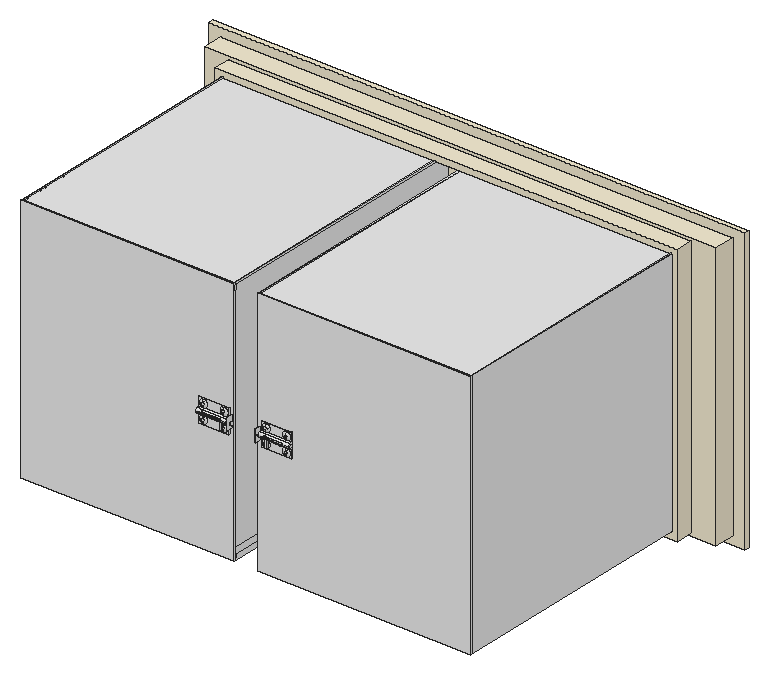
Revit family "Mailboxes_4C-Salsbury_Industries-Rear_Load-4_Door_High_Units", category Specialty Equipment, host Wall, Revit 2016 (continued)
Definition of nested family "3700 Series 4C OM2 Configuration"
  Forms (in)
    Blend 6, solid, material <- "Front Panel Material", detail levels medium+fine
      base sketch origin (0, -0.12695, 2.68123) x (-1, 0, 0) y (0, 0, 1)
        loop
          circle (5.7025, -0.40977) r 0.15665
      top sketch origin (0, -0.12695, 2.68123) x (-1, 0, 0) y (0, 0, 1)
        loop
          circle (5.7025, -0.40977) r 0.3125
      from -0.11328 to 0
    Blend 7, solid, material <- "Front Panel Material", detail levels medium+fine
      base sketch origin (1.3125, -0.12695, 2.68123) x (-1, 0, 0) y (0, 0, 1)
        loop
          circle (4.202, -0.40977) r 0.15665
      top sketch origin (1.3125, -0.12695, 2.68123) x (-1, 0, 0) y (0, 0, 1)
        loop
          circle (4.202, -0.40977) r 0.3125
      from -0.11328 to 0
    Blend 8, solid, material <- "Front Panel Material", detail levels medium+fine
      base sketch origin (0, -0.12695, 1.36923) x (-1, 0, 0) y (0, 0, 1)
        loop
          circle (5.7025, -0.40977) r 0.15665
      top sketch origin (0, -0.12695, 1.36923) x (-1, 0, 0) y (0, 0, 1)
        loop
          circle (5.7025, -0.40977) r 0.3125
      from -0.11328 to 0
    Blend 9, solid, material <- "Front Panel Material", detail levels medium+fine
      base sketch origin (1.3125, -0.12695, 1.36923) x (-1, 0, 0) y (0, 0, 1)
        loop
          circle (4.202, -0.40977) r 0.15665
      top sketch origin (1.3125, -0.12695, 1.36923) x (-1, 0, 0) y (0, 0, 1)
        loop
          circle (4.202, -0.40977) r 0.3125
      from -0.11328 to 0
    Blend 10, solid, material <- "Front Panel Material", detail levels medium+fine
      base sketch origin (9.8895, -0.12695, 2.68123) x (-1, 0, 0) y (0, 0, 1)
        loop
          circle (4.202, -0.40977) r 0.15665
      top sketch origin (9.8895, -0.12695, 2.68123) x (-1, 0, 0) y (0, 0, 1)
        loop
          circle (4.202, -0.40977) r 0.3125
      from -0.11328 to 0
    Blend 11, solid, material <- "Front Panel Material", detail levels medium+fine
      base sketch origin (9.8895, -0.12695, 1.36923) x (-1, 0, 0) y (0, 0, 1)
        loop
          circle (4.202, -0.40977) r 0.15665
      top sketch origin (9.8895, -0.12695, 1.36923) x (-1, 0, 0) y (0, 0, 1)
        loop
          circle (4.202, -0.40977) r 0.3125
      from -0.11328 to 0
    Extrusion 12, solid, material <- "Lock Material"
      sketch origin (0, -0.12695, 0) x (-1, 0, 0) y (0, 0, 1)
        loop
          line (1.96028, 2.61547) -> (-1.64128, 2.61547)
          arc (-1.64128, 2.61547) -> (-1.78215, 2.55712) -> (-1.8405, 2.41625) r 0.19922
          line (-1.8405, 2.41625) -> (-1.8405, 0.81469)
          arc (-1.8405, 0.81469) -> (-1.78215, 0.67382) -> (-1.64128, 0.61547) r 0.19922
          line (-1.64128, 0.61547) -> (1.96028, 0.61547)
          arc (1.96028, 0.61547) -> (2.10115, 0.67382) -> (2.1595, 0.81469) r 0.19922
          line (2.1595, 0.81469) -> (2.1595, 2.41625)
          arc (2.1595, 2.41625) -> (2.10115, 2.55712) -> (1.96028, 2.61547) r 0.19922
      from 0 to -0.03906
    Extrusion 13, solid, material <- "Front Panel Material"
      sketch origin (-2.13946, 0, 3.50047) x (-1, 0, 0) y (0, -1, 0)
        loop
          line (4.54804, -0.12695) -> (4.54804, 0.31995) -> (-8.82696, 0.31995) -> (-8.82696, -0.12695) -> (4.54804, -0.12695)
      from 0 to 3.0094
    Extrusion 14, void
      sketch origin (0, -0.31995, 0) x (0, 0, -1) y (-1, 0, 0)
        loop
          arc (-5.67087, 5.0005) -> (-6.04587, 5.3755) -> (-6.42087, 5.0005) r 0.375
          line (-6.42087, 5.0005) -> (-6.42087, -5.0005)
          arc (-6.42087, -5.0005) -> (-6.04587, -5.3755) -> (-5.67087, -5.0005) r 0.375
          line (-5.67087, -5.0005) -> (-5.67087, 5.0005)
      from 0 to 0.44691
    Extrusion 15, solid, material <- "Front Panel Material"
      sketch origin (0, 0, 0) x (0, 1, 0) y (0, 0, 1)
        loop
          line (0.12695, 6.50987) -> (0.12695, 7.00047) -> (-0.46995, 7.00047) -> (-0.75605, 6.83078) -> (-0.73973, 6.80251) -> (-1.27431, 6.49388) -> (-1.29063, 6.52214) -> (-1.61027, 6.3376)
          arc (-1.61027, 6.3376) -> (-1.63087, 6.31111) -> (-1.62714, 6.27777) r 0.04454
          line (-1.62714, 6.27777) -> (-1.5282, 6.17883)
          arc (-1.5282, 6.17883) -> (-1.4937, 6.16211) -> (-1.4558, 6.15637) r 0.12791
          line (-1.4558, 6.15637) -> (-1.10623, 6.15637) -> (-0.49395, 6.50987) -> (0.12695, 6.50987)
      from -6.6875 to 6.6875
  Cuts and joins
    Extrusion 3 cuts Extrusion 1
    Extrusion 5 cuts Extrusion 4
    Extrusion 14 cuts Extrusion 13
  Lines and regions (in)
    symbolic lines
      curve 1: circle (-5.7025, -0.12695, 2.27147) r 0.3125 normal (0, 1, 0)
      curve 2: circle (-5.7025, -0.12695, 0.95947) r 0.3125 normal (0, 1, 0)
      curve 3: circle (-2.8895, -0.12695, 0.95947) r 0.3125 normal (0, 1, 0)
      curve 4: circle (-2.8895, -0.12695, 2.27147) r 0.3125 normal (0, 1, 0)
      curve 5: circle (-4.3275, -0.12695, 1.61523) r 0.42913 normal (0, 1, 0)
      curve 6: circle (5.6875, -0.12695, 0.95947) r 0.3125 normal (0, 1, 0)
      curve 7: circle (5.6875, -0.12695, 2.27147) r 0.3125 normal (0, 1, 0)
      curve 8: arc (-2.1595, -0.12695, 2.41625) -> (-2.10115, -0.12695, 2.55712) -> (-1.96028, -0.12695, 2.61547) r 0.19922
      curve 9: arc (1.8405, -0.12695, 2.41625) -> (1.78215, -0.12695, 2.55712) -> (1.64128, -0.12695, 2.61547) r 0.19922
      curve 10: arc (1.8405, -0.12695, 0.81469) -> (1.78215, -0.12695, 0.67382) -> (1.64128, -0.12695, 0.61547) r 0.19922
      curve 11: arc (-1.96028, -0.12695, 0.61547) -> (-2.10115, -0.12695, 0.67382) -> (-2.1595, -0.12695, 0.81469) r 0.19922
      curve 12: line (-2.1595, -0.12695, 0.81469) -> (-2.1595, -0.12695, 2.41625)
      curve 13: line (-1.96028, -0.12695, 2.61547) -> (1.64128, -0.12695, 2.61547)
      curve 14: line (1.8405, -0.12695, 2.41625) -> (1.8405, -0.12695, 0.81469)
      curve 15: line (1.64128, -0.12695, 0.61547) -> (-1.96028, -0.12695, 0.61547)
  Dimensions and locks (in)
    equal spacing: plane 6 "Back Face of Door", plane 1 "Center (Front/Back)", plane 7 "Front Face of Door"
    "Door Depth": plane 6 "Back Face of Door" to plane 7 "Front Face of Door"
    equal spacing: plane 4 "Left Side Face of Door", plane 3 "Center (Left/Right)", plane 5 "Right Side Face of Door"
    "Door Width": plane 4 "Left Side Face of Door" to plane 5 "Right Side Face of Door"
    plane 8 to level = 3.23047"
    equal spacing: plane 8, plane 9, level
    locked: plane 7 "Front Face of Door" to plane 10 at 0.343
    "Center Lock-Vertical": plane 4 "Left Side Face of Door" to plane 11 "Center Lock Vertical"
    "Center Lock-Horizontal": plane 8 to plane 12 "Center Lock Horizontal"
    locked: plane 14 "Divider Height Align" to plane 8 at 0.27
    plane 4 "Left Side Face of Door" to plane 16 "Left Stud Align" to plane 17 "Right Stud Align" = 0.985", 2.813"
    plane 8 to plane 18 "Top Stud Align" to plane 19 "Bottom Stud Align" = 0.959", 1.312"
    plane 20 "Hinge Stud Align" to plane 5 "Right Side Face of Door" = 1.000"
    plane 8 to plane 21 "Mail Plate Top" to plane 22 "Mail Plate Bottom" = 0.615", 2.000"
    plane 4 "Left Side Face of Door" to plane 23 to plane 24 = 4.528", 4.000"
    plane 27 "Top of Mail Drop Divider" to plane 26 "Top of Mail Drop Door" to plane 14 "Divider Height Align" = 0.26953" locked, 3.23047"
    "Door Height": plane 27 "Top of Mail Drop Divider" to level
    plane 28 "Face of Mail Drop" to plane 10 = 0.150"
    locked: plane 27 "Top of Mail Drop Divider" to plane 29 "Top of Mail Slot" at 0.5796
    locked: plane 29 "Top of Mail Slot" to plane 30 "Bottom of Mail Slot" at 0.75
    locked: plane 4 "Left Side Face of Door" to plane 31 "Left Edge of Mail Slot" at 1.312
    locked: plane 32 "Right Edge of Mail Slot" to plane 5 "Right Side Face of Door" at 1.312
    locked: plane 33 "Mail Slot Bottom Protusion" to plane 29 "Top of Mail Slot" at 0.089
    plane 28 "Face of Mail Drop" to plane 34 = 0.174"
    plane 33 "Mail Slot Bottom Protusion" to plane 35 = 0.3535"
    plane 28 "Face of Mail Drop" to plane 36 "Front of Awning" = 1.315"
    plane 4 "Left Side Face of Door" to plane 5 "Right Side Face of Door" = 13.375"
    plane 6 "Back Face of Door" to plane 36 "Front of Awning" = 1.76191"
    "Access Lock Offset": plane 39 "Access Lock Offset" to plane 6 "Back Face of Door"
    aligned and locked: level to plane 2 "Bottom of Door"
    aligned and locked: plane 4 "Left Side Face of Door" to Extrusion 1
    aligned and locked: plane 6 "Back Face of Door" to Extrusion 1
    aligned and locked: plane 7 "Front Face of Door" to Extrusion 1
    aligned and locked: Extrusion 1 to level
    aligned and locked: plane 8 to Extrusion 1
    aligned and locked: Extrusion 2 sketch curve to plane 4 "Left Side Face of Door"
    aligned and locked: Extrusion 2 sketch curve to plane 6 "Back Face of Door"
    aligned and locked: plane 5 "Right Side Face of Door" to Extrusion 2 sketch curve
    aligned and locked: Extrusion 2 to plane 8
    aligned and locked: plane 10 to Extrusion 2 sketch curve
    aligned and locked: plane 14 "Divider Height Align" to Extrusion 2
    aligned and locked: plane 4 "Left Side Face of Door" to Extrusion 2
    aligned and locked: Extrusion 2 to plane 5 "Right Side Face of Door"
    aligned and locked: Extrusion 13 to plane 28 "Face of Mail Drop"
    aligned and locked: plane 29 "Top of Mail Slot" to Extrusion 14 sketch curve
    aligned and locked: cut or joined group of Extrusion 13, Extrusion 14 to cut or joined group of Extrusion 13, Extrusion 14
    aligned and locked: cut or joined group of Extrusion 1, Extrusion 3 to plane 2 "Bottom of Door"
  Automatic sketch dimensions
    Extrusion 1 sketch curve to plane 4 "Left Side Face of Door" = 0.000"
    Extrusion 1 sketch curve to plane 6 "Back Face of Door" = 0.000"
    Extrusion 1 sketch curve to plane 7 "Front Face of Door" = 0.000"
    Extrusion 1 sketch curve to plane 5 "Right Side Face of Door" = 0.000"
    Extrusion 1 sketch curve to plane 4 "Left Side Face of Door" = 0.252"
    Extrusion 1 sketch curve to plane 20 "Hinge Stud Align" = 0.36875"
    Extrusion 1 sketch curve to plane 25 "Face of Mail Plate" = 0.07029"
    plane 5 "Right Side Face of Door" to Extrusion 1 sketch curve = 0.195"
    Extrusion 1 sketch curve to plane 25 "Face of Mail Plate" = 0.10562"
    Extrusion 1 sketch curve to plane 13 "Face of Lock" = 0.07658"
    plane 1 "Center (Front/Back)" to Extrusion 1 sketch curve = 0.05445"
    Extrusion 1 sketch curve to plane 13 "Face of Lock" = 0.12063"
    Extrusion 5 sketch curve to plane 11 "Center Lock Vertical" = 0.0293"
    plane 11 "Center Lock Vertical" to Extrusion 5 sketch curve = 0.0293"
    Extrusion 5 sketch curve to plane 9 = 0.30959"
    plane 9 to Extrusion 5 sketch curve = 0.30959"
    plane 16 "Left Stud Align" to Blend 6 sketch curve = 0.000"  (x2)
    Blend 6 sketch curve to plane 18 "Top Stud Align" = 0.000"  (x2)
    plane 17 "Right Stud Align" to Blend 7 sketch curve = 0.000"  (x2)
    Blend 7 sketch curve to plane 18 "Top Stud Align" = 0.000"  (x2)
    plane 16 "Left Stud Align" to Blend 8 sketch curve = 0.000"  (x2)
    Blend 8 sketch curve to plane 19 "Bottom Stud Align" = 0.000"  (x2)
    plane 17 "Right Stud Align" to Blend 9 sketch curve = 0.000"  (x2)
    Blend 9 sketch curve to plane 19 "Bottom Stud Align" = 0.000"  (x2)
    Blend 10 sketch curve to plane 18 "Top Stud Align" = 0.000"  (x2)
    plane 20 "Hinge Stud Align" to Blend 10 sketch curve = 0.000"  (x2)
    Blend 11 sketch curve to plane 19 "Bottom Stud Align" = 0.000"  (x2)
    plane 20 "Hinge Stud Align" to Blend 11 sketch curve = 0.000"  (x2)
    plane 24 to Extrusion 12 sketch curve = 0.000"
    Extrusion 12 sketch curve to plane 22 "Mail Plate Bottom" = 0.000"
    Extrusion 12 sketch curve to plane 21 "Mail Plate Top" = 0.000"
    plane 23 to Extrusion 12 sketch curve = 0.000"
    plane 24 to Extrusion 12 sketch curve = 0.19922"  (x2)
    plane 18 "Top Stud Align" to Extrusion 12 sketch curve = 0.14478"
    Extrusion 12 sketch curve to plane 23 = 0.19922"
    Extrusion 13 sketch curve to plane 5 "Right Side Face of Door" = 0.000"
    Extrusion 13 sketch curve to plane 4 "Left Side Face of Door" = 0.000"
    Extrusion 13 sketch curve to plane 6 "Back Face of Door" = 0.000"
    Extrusion 13 sketch curve to plane 7 "Front Face of Door" = 0.193"
    Extrusion 14 sketch curve to plane 30 "Bottom of Mail Slot" = 0.000"
    plane 32 "Right Edge of Mail Slot" to Extrusion 14 sketch curve = 0.375"
    Extrusion 14 sketch curve to plane 31 "Left Edge of Mail Slot" = 0.375"
    Extrusion 15 sketch curve to plane 35 = 0.000"
    Extrusion 15 sketch curve to plane 33 "Mail Slot Bottom Protusion" = 0.000"
    Extrusion 15 sketch curve to plane 34 = 0.000"
    Extrusion 15 sketch curve to plane 27 "Top of Mail Drop Divider" = 0.000"
    Extrusion 15 sketch curve to plane 6 "Back Face of Door" = 0.000"
    plane 26 "Top of Mail Drop Door" to Extrusion 15 sketch curve = 0.07158"
    Extrusion 15 sketch curve to plane 34 = 0.24578"
    plane 26 "Top of Mail Drop Door" to Extrusion 15 sketch curve = 0.09984"
    Extrusion 15 sketch curve to Extrusion 15 sketch curve = 0.01632"
    plane 37 to Extrusion 15 sketch curve = 0.05062"
    Extrusion 15 sketch curve to plane 33 "Mail Slot Bottom Protusion" = 0.01599"
    plane 33 "Mail Slot Bottom Protusion" to Extrusion 15 sketch curve = 0.01227"
    plane 36 "Front of Awning" to Extrusion 15 sketch curve = 0.17915"
    plane 35 to Extrusion 15 sketch curve = 0.02246"
    Extrusion 15 sketch curve to Extrusion 15 sketch curve = 0.0724"
    plane 36 "Front of Awning" to Extrusion 15 sketch curve = 0.04696"
    plane 36 "Front of Awning" to Extrusion 15 sketch curve = 0.02469"
    plane 36 "Front of Awning" to Extrusion 15 sketch curve = 0.00781"
    Extrusion 15 sketch curve to Extrusion 15 sketch curve = 0.05983"
    Extrusion 4 sketch curve to plane 9 = 0.000"
    plane 11 "Center Lock Vertical" to Extrusion 4 sketch curve = 0.000"
    Extrusion 3 sketch curve to plane 9 = 0.000"
    plane 11 "Center Lock Vertical" to Extrusion 3 sketch curve = 0.000"
    curve 6 to plane 19 "Bottom Stud Align" = 0.000"
    plane 20 "Hinge Stud Align" to curve 6 = 0.000"
    curve 7 to plane 18 "Top Stud Align" = 0.000"
    plane 20 "Hinge Stud Align" to curve 7 = 0.000"
    plane 24 to curve 14 = 0.000"
    curve 9 to plane 21 "Mail Plate Top" = 0.000"
    curve 11 to plane 22 "Mail Plate Bottom" = 0.000"
    plane 23 to curve 12 = 0.000"
    plane 17 "Right Stud Align" to curve 4 = 0.000"
    plane 17 "Right Stud Align" to curve 3 = 0.000"
    curve 5 to plane 9 = 0.000"
    plane 11 "Center Lock Vertical" to curve 5 = 0.000"
    plane 16 "Left Stud Align" to curve 1 = 0.000"
    plane 16 "Left Stud Align" to curve 2 = 0.000"
    curve 2 to plane 19 "Bottom Stud Align" = 0.000"
    curve 3 to plane 19 "Bottom Stud Align" = 0.000"
    curve 1 to plane 18 "Top Stud Align" = 0.000"
    curve 4 to plane 18 "Top Stud Align" = 0.000"
    plane 18 "Top Stud Align" to curve 9 = 0.14478"
    curve 10 to plane 19 "Bottom Stud Align" = 0.14478"
    plane 18 "Top Stud Align" to curve 8 = 0.14478"
    curve 11 to plane 19 "Bottom Stud Align" = 0.14478"
    radius of Blend 6 sketch curve = 0.15665"
    radius of Blend 6 sketch curve = 0.3125"
    radius of Blend 7 sketch curve = 0.15665"
    radius of Blend 7 sketch curve = 0.3125"
    radius of Blend 8 sketch curve = 0.15665"
    radius of Blend 8 sketch curve = 0.3125"
    radius of Blend 9 sketch curve = 0.15665"
    radius of Blend 9 sketch curve = 0.3125"
    radius of Blend 10 sketch curve = 0.15665"
    radius of Blend 10 sketch curve = 0.3125"
    radius of Blend 11 sketch curve = 0.15665"
    radius of Blend 11 sketch curve = 0.3125"
    radius of Extrusion 4 sketch curve = 0.42913"
    radius of Extrusion 3 sketch curve = 0.4375"
    radius of curve 1 = 0.3125"
    radius of curve 2 = 0.3125"
    radius of curve 3 = 0.3125"
    radius of curve 4 = 0.3125"
    radius of curve 5 = 0.42913"
    radius of curve 6 = 0.3125"
    radius of curve 7 = 0.3125"
Definition of nested family "4C Latch Lock"
  Parameters (values of type "Lock Latch")
    Width = 1.750"
    Type Comments = "Lock Latch for Aluminum Mailboxes"
    Visible Latch = yes
    Manufacturer = "Salsbury Industries"
    Height = 1.375"
    Depth = 0.244"
    Back Enclosure Material = none
  Reference planes (in)
    plane 1 "Center (Front/Back)": y = 0
    plane 2 "left": z = 0
    plane 3 "Center (Left/Right)": x = 0
    plane 4 "top": x = -0.875
    plane 5 "bottom": x = 0.875
    plane 6 "Front": y = 0.122
    plane 7 "Back": y = -0.122
    plane 8 "Vertical Center": z = 0.6875
    plane 9 "right": z = 1.375
    plane 10: x = -1
    plane 11: x = -1.125
  Forms (in)
    Extrusion 1, solid, material <- "Back Enclosure Material", visible <- "Visible Latch", detail levels medium+fine
      sketch origin (-0.67187, 0, 0.67188) x (0, 0, -1) y (0, 1, 0)
        loop
          line (-0.22131, -0.0902) -> (-0.70312, -0.0902) -> (-0.70312, -0.12209) -> (-0.22129, -0.12209)
          arc (-0.22129, -0.12209) -> (-0.1389, -0.08579) -> (-0.11009, -0.00048) r 0.11165
          arc (-0.11009, -0.00048) -> (-0.01599, 0.09362) -> (0.07812, -0.00048) r 0.09411
          arc (0.07812, -0.00048) -> (0.10866, -0.08591) -> (0.19189, -0.122) r 0.11401
          line (0.19189, -0.122) -> (0.67187, -0.122) -> (0.67187, -0.08954) -> (0.19205, -0.08954)
          arc (0.19205, -0.08954) -> (0.13091, -0.06294) -> (0.10869, -0.00006) r 0.08357
          arc (0.10869, -0.00006) -> (-0.01625, 0.12487) -> (-0.14118, -0.00006) r 0.12494
          arc (-0.14118, -0.00006) -> (-0.16101, -0.06312) -> (-0.22131, -0.0902) r 0.08069
      from -0.20313 to 1.54687
    Extrusion 2, void, detail levels medium+fine
      sketch origin (-0.86719, 0.122, 0.78906) x (0, 0, -1) y (1, 0, 0)
        loop
          line (0.02064, 1.43976) -> (0.02064, 0.31562) -> (0.29045, 0.31562) -> (0.29045, 0.47278) -> (0.12796, 0.47278) -> (0.12796, 1.28526) -> (0.27447, 1.28526) -> (0.27447, 1.43976) -> (0.02064, 1.43976)
      from -0.01091 to 0.1442
    Blend 3, solid, material <- "Back Enclosure Material", visible <- "Visible Latch", detail levels fine
      base sketch origin (-0.95312, 0.122, 0.96875) x (0, 0, -1) y (1, 0, 0)
        loop
          circle (-0.1252, 1.55349) r 0.1
      top sketch origin (-0.95312, 0.122, 0.96875) x (0, 0, -1) y (1, 0, 0)
        loop
          circle (-0.1252, 1.55349) r 0.215
      from 0.16742 to 0.21154
    Blend 4, solid, material <- "Back Enclosure Material", visible <- "Visible Latch", detail levels fine
      base sketch origin (-0.95312, 0.122, -0.54015) x (0, 0, -1) y (1, 0, 0)
        loop
          circle (-0.8037, 1.55349) r 0.1
      top sketch origin (-0.95312, 0.122, -0.54015) x (0, 0, -1) y (1, 0, 0)
        loop
          circle (-0.8037, 1.55349) r 0.215
      from 0.16742 to 0.21154
    Blend 5, solid, material <- "Back Enclosure Material", visible <- "Visible Latch", detail levels fine
      base sketch origin (-1.95312, 0.122, 0.96875) x (0, 0, -1) y (1, 0, 0)
        loop
          circle (-0.1252, 1.36599) r 0.1
      top sketch origin (-1.95312, 0.122, 0.96875) x (0, 0, -1) y (1, 0, 0)
        loop
          circle (-0.1252, 1.36599) r 0.215
      from 0.16742 to 0.21154
    Blend 6, solid, material <- "Back Enclosure Material", visible <- "Visible Latch", detail levels fine
      base sketch origin (-1.95312, 0.122, -0.55578) x (0, 0, -1) y (1, 0, 0)
        loop
          circle (-0.8037, 1.36599) r 0.1
      top sketch origin (-1.95312, 0.122, -0.55578) x (0, 0, -1) y (1, 0, 0)
        loop
          circle (-0.8037, 1.36599) r 0.215
      from 0.16742 to 0.21154
    Extrusion 7, solid, material <- "Back Enclosure Material", visible <- "Visible Latch", detail levels medium+fine
      sketch origin (-1.22585, -7.77812, 0.87452) x (0, 0, -1) y (0, 1, 0)
        loop
          circle (0.18702, 7.77784) r 0.09014
      from 0.10085 to 2.10085
    Extrusion 8, solid, material <- "Back Enclosure Material", visible <- "Visible Latch", detail levels medium+fine
      sketch origin (-0.59584, -7.78798, 0.67188) x (1, 0, 0) y (0, 1, 0)
        loop
          circle (0.12087, 7.81979) r 0.05
      from 0.01562 to -0.5
    Extrusion 9, solid, material <- "Back Enclosure Material", visible <- "Visible Latch", detail levels medium+fine
      sketch origin (-1.09375, -0.02845, 1.02999) x (0, 0, -1) y (1, 0, 0)
        loop
          line (0.68574, 0.09375) -> (0.68574, 0.12475) -> (-0.00176, 0.12475) -> (-0.00176, 0.09375) -> (0.68574, 0.09375)
      from -0.25 to 0.09355
    Extrusion 10, void, detail levels medium+fine
      sketch origin (-0.969, -7.77845, 0.87437) x (0, 0, -1) y (0, -1, 0)
        loop
          circle (0.18637, -7.77776) r 0.09325
      from 0 to 0.031
  Cuts and joins
    Extrusion 2 cuts Extrusion 1
    Extrusion 10 cuts Extrusion 9
  Lines and regions (in)
    symbolic lines
      curve 1: line (0.875, 0.122, 1.375) -> (-0.875, 0.122, 1.375)
      curve 2: line (0.875, 0.122, 0) -> (0.875, 0.122, 1.375)
      curve 3: line (-0.875, 0.122, 0) -> (0.875, 0.122, 0)
      curve 4: line (-0.875, 0.122, 1.375) -> (-0.875, 0.122, 0)
      curve 5: line (-0.875, 0.122, 0.78197) -> (-1.125, 0.122, 0.78197)
      curve 6: line (-1.125, 0.122, 0.78197) -> (-1.125, 0.122, 0.59736)
      curve 7: line (-1.125, 0.122, 0.59736) -> (-0.875, 0.122, 0.59736)
  Dimensions and locks (in)
    equal spacing: plane 7 "Back", plane 1 "Center (Front/Back)", plane 6 "Front"
    "Depth": plane 7 "Back" to plane 6 "Front"
    equal spacing: plane 4 "top", plane 3 "Center (Left/Right)", plane 5 "bottom"
    "Width": plane 4 "top" to plane 5 "bottom"
    equal spacing: plane 9 "right", plane 8 "Vertical Center", plane 2 "left"
    "Height": plane 9 "right" to plane 2 "left"
    plane 10 to plane 4 "top" = 0.125"
    plane 11 to plane 4 "top" = 0.250"
    plane 10 to plane 11 = 0.125"
    aligned and locked: level to plane 2 "left"
    aligned and locked: curve 1 to cut or joined group of Extrusion 1, Extrusion 2
    aligned and locked: curve 2 to cut or joined group of Extrusion 1, Extrusion 2
    aligned and locked: curve 3 to cut or joined group of Extrusion 1, Extrusion 2
    aligned and locked: curve 4 to cut or joined group of Extrusion 1, Extrusion 2
  Automatic sketch dimensions
    Extrusion 1 sketch curve to plane 7 "Back" = 0.000"
    Extrusion 1 sketch curve to plane 7 "Back" = 0.0318"
    plane 9 "right" to Extrusion 1 sketch curve = 0.000"
    Extrusion 1 sketch curve to plane 8 "Vertical Center" = 0.20569"
    plane 7 "Back" to Extrusion 1 sketch curve = 0.00009"
    Extrusion 1 sketch curve to plane 8 "Vertical Center" = 0.20567"
    plane 1 "Center (Front/Back)" to Extrusion 1 sketch curve = 0.00006"
    Extrusion 1 sketch curve to plane 8 "Vertical Center" = 0.00062"
    Extrusion 1 sketch curve to Extrusion 1 sketch curve = 0.00026"
    Extrusion 1 sketch curve to Extrusion 1 sketch curve = 0.20788"
    Extrusion 1 sketch curve to Extrusion 1 sketch curve = 0.00016"
    Extrusion 1 sketch curve to level = 0.000"
    Extrusion 1 sketch curve to plane 7 "Back" = 0.03246"
    plane 1 "Center (Front/Back)" to Extrusion 1 sketch curve = 0.01045"
    Extrusion 1 sketch curve to Extrusion 1 sketch curve = 0.00094"
    Extrusion 1 sketch curve to Extrusion 1 sketch curve = 0.00201"
    Extrusion 2 sketch curve to plane 8 "Vertical Center" = 0.08092"
    plane 5 "bottom" to Extrusion 2 sketch curve = 0.45693"
    plane 8 "Vertical Center" to Extrusion 2 sketch curve = 0.0264"
    Extrusion 2 sketch curve to Extrusion 2 sketch curve = 0.16249"
    Extrusion 2 sketch curve to Extrusion 2 sketch curve = 0.14651"
    Extrusion 2 sketch curve to plane 3 "Center (Left/Right)" = 0.3944"
    Extrusion 2 sketch curve to plane 4 "top" = 0.32343"
    plane 5 "bottom" to Extrusion 2 sketch curve = 0.30243"
    plane 5 "bottom" to Blend 3 sketch curve = 0.27463"  (x2)
    Blend 3 sketch curve to plane 8 "Vertical Center" = 0.40645"  (x2)
    plane 5 "bottom" to Blend 4 sketch curve = 0.27463"  (x2)
    level to Blend 4 sketch curve = 0.26355"  (x2)
    Blend 5 sketch curve to plane 8 "Vertical Center" = 0.40645"  (x2)
    Blend 5 sketch curve to plane 3 "Center (Left/Right)" = 0.58713"  (x2)
    level to Blend 6 sketch curve = 0.24792"  (x2)
    Blend 6 sketch curve to plane 3 "Center (Left/Right)" = 0.58713"  (x2)
    plane 1 "Center (Front/Back)" to Extrusion 7 sketch curve = 0.00028"
    plane 8 "Vertical Center" to Extrusion 7 sketch curve = 0.000"
    Extrusion 8 sketch curve to plane 1 "Center (Front/Back)" = 0.03181"
    Extrusion 8 sketch curve to plane 4 "top" = 0.40003"
    Extrusion 9 sketch curve to plane 8 "Vertical Center" = 0.34425"
    level to Extrusion 9 sketch curve = 0.34425"
    plane 4 "top" to Extrusion 9 sketch curve = 0.125"
    Extrusion 9 sketch curve to Extrusion 9 sketch curve = 0.031"
    plane 1 "Center (Front/Back)" to Extrusion 10 sketch curve = 0.0007"
    Extrusion 10 sketch curve to plane 8 "Vertical Center" = 0.0005"
    curve 6 to plane 11 = 0.000"
    curve 5 to plane 8 "Vertical Center" = 0.09447"
    plane 8 "Vertical Center" to curve 6 = 0.09014"
    radius of Blend 3 sketch curve = 0.100"
    radius of Blend 3 sketch curve = 0.215"
    radius of Blend 4 sketch curve = 0.100"
    radius of Blend 4 sketch curve = 0.215"
    radius of Blend 5 sketch curve = 0.100"
    radius of Blend 5 sketch curve = 0.215"
    radius of Blend 6 sketch curve = 0.100"
    radius of Blend 6 sketch curve = 0.215"
    radius of Extrusion 7 sketch curve = 0.09014"
    radius of Extrusion 8 sketch curve = 0.050"
    radius of Extrusion 10 sketch curve = 0.09325"
Definition of nested family "4C Latch Lock-Left"
  Parameters (values of type "Lock Latch")
    Width = 1.750"
    Type Comments = "Lock Latch for Aluminum Mailboxes"
    Visible Latch = yes
    Manufacturer = "Salsbury Industries"
    Height = 1.375"
    Depth = 0.244"
    Back Enclosure Material = none
  Reference planes (in)
    plane 1 "Center (Front/Back)": y = 0
    plane 2 "left": z = 0
    plane 3 "Center (Left/Right)": x = 0
    plane 4 "top": x = -0.875
    plane 5 "bottom": x = 0.875
    plane 6 "Front": y = 0.122
    plane 7 "Back": y = -0.122
    plane 8 "Vertical Center": z = 0.6875
    plane 9 "right": z = 1.375
    plane 10: x = 1
    plane 11: x = 1.125
  Forms (in)
    Extrusion 1, solid, material <- "Back Enclosure Material", visible <- "Visible Latch", detail levels medium+fine
      sketch origin (-0.67187, 0, 0.67188) x (0, 0, -1) y (0, 1, 0)
        loop
          line (-0.22131, -0.0902) -> (-0.70312, -0.0902) -> (-0.70312, -0.12209) -> (-0.22129, -0.12209)
          arc (-0.22129, -0.12209) -> (-0.1389, -0.08579) -> (-0.11009, -0.00048) r 0.11165
          arc (-0.11009, -0.00048) -> (-0.01599, 0.09362) -> (0.07812, -0.00048) r 0.09411
          arc (0.07812, -0.00048) -> (0.10866, -0.08591) -> (0.19189, -0.122) r 0.11401
          line (0.19189, -0.122) -> (0.67187, -0.122) -> (0.67187, -0.08954) -> (0.19205, -0.08954)
          arc (0.19205, -0.08954) -> (0.13091, -0.06294) -> (0.10869, -0.00006) r 0.08357
          arc (0.10869, -0.00006) -> (-0.01625, 0.12487) -> (-0.14118, -0.00006) r 0.12494
          arc (-0.14118, -0.00006) -> (-0.16101, -0.06312) -> (-0.22131, -0.0902) r 0.08069
      from -0.20313 to 1.54687
    Extrusion 2, void
      sketch origin (-0.86719, 0.122, 0.78906) x (0, 0, -1) y (1, 0, 0)
        loop
          line (0.02064, 1.43976) -> (0.02064, 0.31562) -> (0.29045, 0.31562) -> (0.29045, 0.47278) -> (0.12796, 0.47278) -> (0.12796, 1.28526) -> (0.27447, 1.28526) -> (0.27447, 1.43976) -> (0.02064, 1.43976)
      from -0.01091 to 0.1442
    Blend 3, solid, material <- "Back Enclosure Material", visible <- "Visible Latch", detail levels fine
      base sketch origin (-0.95312, 0.122, 0.96875) x (0, 0, -1) y (1, 0, 0)
        loop
          circle (-0.1252, 1.55349) r 0.1
      top sketch origin (-0.95312, 0.122, 0.96875) x (0, 0, -1) y (1, 0, 0)
        loop
          circle (-0.1252, 1.55349) r 0.215
      from 0.16742 to 0.21154
    Blend 4, solid, material <- "Back Enclosure Material", visible <- "Visible Latch", detail levels fine
      base sketch origin (-0.95312, 0.122, -0.54015) x (0, 0, -1) y (1, 0, 0)
        loop
          circle (-0.8037, 1.55349) r 0.1
      top sketch origin (-0.95312, 0.122, -0.54015) x (0, 0, -1) y (1, 0, 0)
        loop
          circle (-0.8037, 1.55349) r 0.215
      from 0.16742 to 0.21154
    Blend 5, solid, material <- "Back Enclosure Material", visible <- "Visible Latch", detail levels fine
      base sketch origin (-1.95312, 0.122, 0.96875) x (0, 0, -1) y (1, 0, 0)
        loop
          circle (-0.1252, 1.36599) r 0.1
      top sketch origin (-1.95312, 0.122, 0.96875) x (0, 0, -1) y (1, 0, 0)
        loop
          circle (-0.1252, 1.36599) r 0.215
      from 0.16742 to 0.21154
    Blend 6, solid, material <- "Back Enclosure Material", visible <- "Visible Latch", detail levels fine
      base sketch origin (-1.95312, 0.122, -0.55578) x (0, 0, -1) y (1, 0, 0)
        loop
          circle (-0.8037, 1.36599) r 0.1
      top sketch origin (-1.95312, 0.122, -0.55578) x (0, 0, -1) y (1, 0, 0)
        loop
          circle (-0.8037, 1.36599) r 0.215
      from 0.16742 to 0.21154
    Extrusion 7, solid, material <- "Back Enclosure Material", visible <- "Visible Latch", detail levels medium+fine
      sketch origin (-1.22585, -7.77812, 0.87452) x (0, 0, -1) y (0, 1, 0)
        loop
          circle (0.18702, 7.77784) r 0.09014
      from 0.35085 to 2.35085
    Extrusion 8, solid, material <- "Back Enclosure Material", visible <- "Visible Latch", detail levels medium+fine
      sketch origin (0.37291, -7.78798, 0.67188) x (1, 0, 0) y (0, 1, 0)
        loop
          circle (0.12087, 7.81979) r 0.05
      from 0.01562 to -0.5
    Extrusion 9, solid, material <- "Back Enclosure Material", visible <- "Visible Latch", detail levels medium+fine
      sketch origin (0.87525, -0.02845, 1.02999) x (0, 0, -1) y (1, 0, 0)
        loop
          line (0.68574, 0.09375) -> (0.68574, 0.12475) -> (-0.00176, 0.12475) -> (-0.00176, 0.09375) -> (0.68574, 0.09375)
      from -0.25 to 0.09355
    Extrusion 10, void
      sketch origin (1, -7.77845, 0.87437) x (0, 0, -1) y (0, -1, 0)
        loop
          circle (0.18637, -7.77776) r 0.09325
      from 0 to 0.031
  Cuts and joins
    Extrusion 2 cuts Extrusion 1
    Extrusion 10 cuts Extrusion 9
  Lines and regions (in)
    symbolic lines
      curve 1: line (0.875, 0.122, 1.375) -> (-0.875, 0.122, 1.375)
      curve 2: line (0.875, 0.122, 0) -> (0.875, 0.122, 1.375)
      curve 3: line (-0.875, 0.122, 0) -> (0.875, 0.122, 0)
      curve 4: line (-0.875, 0.122, 1.375) -> (-0.875, 0.122, 0)
      curve 5: line (0.875, 0.122, 0.78197) -> (1.125, 0.122, 0.78197)
      curve 6: line (1.125, 0.122, 0.78197) -> (1.125, 0.122, 0.59736)
      curve 7: line (1.125, 0.122, 0.59736) -> (0.875, 0.122, 0.59736)
  Dimensions and locks (in)
    equal spacing: plane 7 "Back", plane 1 "Center (Front/Back)", plane 6 "Front"
    "Depth": plane 7 "Back" to plane 6 "Front"
    equal spacing: plane 4 "top", plane 3 "Center (Left/Right)", plane 5 "bottom"
    "Width": plane 4 "top" to plane 5 "bottom"
    equal spacing: plane 9 "right", plane 8 "Vertical Center", plane 2 "left"
    "Height": plane 9 "right" to plane 2 "left"
    plane 4 "top" to plane 10 = 1.875"
    plane 5 "bottom" to plane 11 = 0.250"
    plane 11 to plane 10 = 0.125"
    aligned and locked: level to plane 2 "left"
    aligned and locked: curve 1 to cut or joined group of Extrusion 1, Extrusion 2
    aligned and locked: curve 2 to cut or joined group of Extrusion 1, Extrusion 2
    aligned and locked: curve 3 to cut or joined group of Extrusion 1, Extrusion 2
    aligned and locked: curve 4 to cut or joined group of Extrusion 1, Extrusion 2
  Automatic sketch dimensions
    Extrusion 1 sketch curve to plane 7 "Back" = 0.000"
    Extrusion 1 sketch curve to plane 7 "Back" = 0.0318"
    plane 9 "right" to Extrusion 1 sketch curve = 0.000"
    Extrusion 1 sketch curve to plane 8 "Vertical Center" = 0.20569"
    plane 7 "Back" to Extrusion 1 sketch curve = 0.00009"
    Extrusion 1 sketch curve to plane 8 "Vertical Center" = 0.20567"
    plane 1 "Center (Front/Back)" to Extrusion 1 sketch curve = 0.00006"
    Extrusion 1 sketch curve to plane 8 "Vertical Center" = 0.00062"
    Extrusion 1 sketch curve to Extrusion 1 sketch curve = 0.00026"
    Extrusion 1 sketch curve to Extrusion 1 sketch curve = 0.20788"
    Extrusion 1 sketch curve to Extrusion 1 sketch curve = 0.00016"
    Extrusion 1 sketch curve to level = 0.000"
    Extrusion 1 sketch curve to plane 7 "Back" = 0.03246"
    plane 1 "Center (Front/Back)" to Extrusion 1 sketch curve = 0.01045"
    Extrusion 1 sketch curve to Extrusion 1 sketch curve = 0.00094"
    Extrusion 1 sketch curve to Extrusion 1 sketch curve = 0.00201"
    Extrusion 2 sketch curve to plane 8 "Vertical Center" = 0.08092"
    plane 5 "bottom" to Extrusion 2 sketch curve = 0.45693"
    plane 8 "Vertical Center" to Extrusion 2 sketch curve = 0.0264"
    Extrusion 2 sketch curve to Extrusion 2 sketch curve = 0.16249"
    Extrusion 2 sketch curve to Extrusion 2 sketch curve = 0.14651"
    Extrusion 2 sketch curve to plane 3 "Center (Left/Right)" = 0.3944"
    Extrusion 2 sketch curve to plane 4 "top" = 0.32343"
    plane 5 "bottom" to Extrusion 2 sketch curve = 0.30243"
    plane 5 "bottom" to Blend 3 sketch curve = 0.27463"  (x2)
    Blend 3 sketch curve to plane 8 "Vertical Center" = 0.40645"  (x2)
    plane 5 "bottom" to Blend 4 sketch curve = 0.27463"  (x2)
    level to Blend 4 sketch curve = 0.26355"  (x2)
    Blend 5 sketch curve to plane 8 "Vertical Center" = 0.40645"  (x2)
    Blend 5 sketch curve to plane 3 "Center (Left/Right)" = 0.58713"  (x2)
    level to Blend 6 sketch curve = 0.24792"  (x2)
    Blend 6 sketch curve to plane 3 "Center (Left/Right)" = 0.58713"  (x2)
    plane 1 "Center (Front/Back)" to Extrusion 7 sketch curve = 0.00028"
    plane 8 "Vertical Center" to Extrusion 7 sketch curve = 0.000"
    Extrusion 8 sketch curve to plane 1 "Center (Front/Back)" = 0.03181"
    Extrusion 8 sketch curve to plane 4 "top" = 1.36878"
    Extrusion 9 sketch curve to plane 8 "Vertical Center" = 0.34425"
    level to Extrusion 9 sketch curve = 0.34425"
    Extrusion 9 sketch curve to plane 4 "top" = 1.844"
    Extrusion 9 sketch curve to Extrusion 9 sketch curve = 0.031"
    plane 1 "Center (Front/Back)" to Extrusion 10 sketch curve = 0.0007"
    Extrusion 10 sketch curve to plane 8 "Vertical Center" = 0.0005"
    curve 7 to plane 11 = 0.000"
    curve 5 to plane 8 "Vertical Center" = 0.09447"
    plane 8 "Vertical Center" to curve 6 = 0.09014"
    radius of Blend 3 sketch curve = 0.100"
    radius of Blend 3 sketch curve = 0.215"
    radius of Blend 4 sketch curve = 0.100"
    radius of Blend 4 sketch curve = 0.215"
    radius of Blend 5 sketch curve = 0.100"
    radius of Blend 5 sketch curve = 0.215"
    radius of Blend 6 sketch curve = 0.100"
    radius of Blend 6 sketch curve = 0.215"
    radius of Extrusion 7 sketch curve = 0.09014"
    radius of Extrusion 8 sketch curve = 0.050"
    radius of Extrusion 10 sketch curve = 0.09325"
Types (5): name | Width | Latch Lock-Left Side | Vertical Center Divider | Right Inside Wall | Model | Left Inside Wall | Latch Alignment | Door Slot R4 Number | Door Slot R4 | Door Slot R3 | Door Slot R2 | Door Slot R1 Number | Door Slot R1 | Door Slot L4 Number | Door Slot L4 | Door Slot L3 Number | Door Slot L3 | Door Slot L2 Number | Door Slot L2 | Door Slot L1 Number | Door Slot L1 | Description | Center Extrusion Offset
  3704D-06 RL | 31.09766" | yes | yes | yes | "3704D-06 RL" | yes | 14.857" | "6" | 3700 Series 4C Door Configurations : MB1 Door w/ Divider | 3700 Series 4C OM2 Configuration : OM2-RL | 3700 Series 4C Door Configurations : Empty | "5" | 3700 Series 4C Door Configurations : MB1 Door | "4" | 3700 Series 4C Door Configurations : MB1 Door w/ Divider | "3" | 3700 Series 4C Door Configurations : MB1 Door w/ Divider | "2" | 3700 Series 4C Door Configurations : MB1 Door w/ Divider | "1" | 3700 Series 4C Door Configurations : MB1 Door | "4 Door High Unit:  6 MB1, OM2" | 0.000"
  3704S-02 RL | 16.344" | no | no | no | "3704S-02 RL" | no | 13.876" | "2" | 3700 Series 4C Door Configurations : MB1 Door w/ Divider | 3700 Series 4C OM2 Configuration : OM2-RL | 3700 Series 4C Door Configurations : Empty | "1" | 3700 Series 4C Door Configurations : MB1 Door | "0" | 3700 Series 4C Door Configurations : Empty | "0" | 3700 Series 4C Door Configurations : Empty | "0" | 3700 Series 4C Door Configurations : Empty | "0" | 3700 Series 4C Door Configurations : Empty | "4 Door High Unit:  2 MB1, OM2" | 48.000"
  3704D-2P RL | 31.09766" | yes | yes | yes | "3704D-2P RL" | yes | 14.857" | "2P" | 3700 Series 4C Parcel Configurations : PL4 | 3700 Series 4C Door Configurations : Empty | 3700 Series 4C Door Configurations : Empty | "0" | 3700 Series 4C Door Configurations : Empty | "1P" | 3700 Series 4C Parcel Configurations : PL4 | "0" | 3700 Series 4C Door Configurations : Empty | "0" | 3700 Series 4C Door Configurations : Empty | "0" | 3700 Series 4C Door Configurations : Empty | "4 Door High Unit:  2 PL4" | 0.000"
  3704S-01 RL | 16.344" | no | no | no | "3704S-01 RL" | no | 13.876" | "1" | 3700 Series 4C Door Configurations : MB2 Door w/ Divider | 3700 Series 4C Door Configurations : Empty | 3700 Series 4C OM2 Configuration : OM2-RL | "0" | 3700 Series 4C Door Configurations : Empty | "0" | 3700 Series 4C Door Configurations : Empty | "0" | 3700 Series 4C Door Configurations : Empty | "0" | 3700 Series 4C Door Configurations : Empty | "0" | 3700 Series 4C Door Configurations : Empty | "4 Door High Unit:  1 MB2, OM2" | 48.000"
  3704S-1P RL | 16.344" | no | no | no | "3704S-1P RL" | no | 13.876" | "1P" | 3700 Series 4C Parcel Configurations : PL4 | 3700 Series 4C Door Configurations : Empty | 3700 Series 4C Door Configurations : Empty | "0" | 3700 Series 4C Door Configurations : Empty | "0" | 3700 Series 4C Door Configurations : Empty | "0" | 3700 Series 4C Door Configurations : Empty | "0" | 3700 Series 4C Door Configurations : Empty | "0" | 3700 Series 4C Door Configurations : Empty | "4 Door High Unit:  1 PL4" | 48.000"
